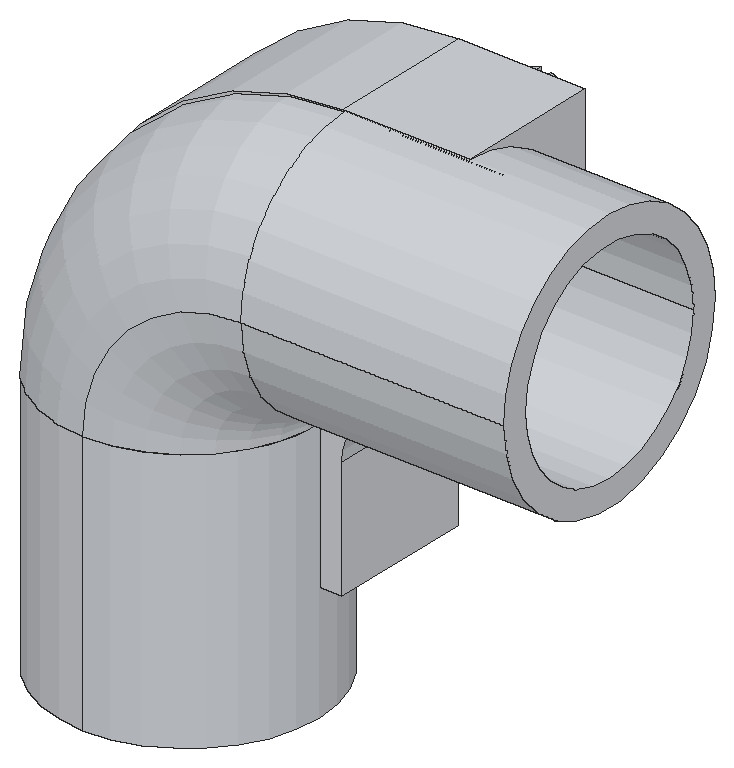
Revit family "PIE20W", category Generic Models, Revit 2017
Family settings
  Can host rebar = No
  Round Connector Dimension = Use Diameter
  Part Type = Normal
  Work Plane-Based = Yes
  Always vertical = No
  Cut with Voids When Loaded = No
  Shared = No
  Room Calculation Point = No
Parameters (values of type "NBS Standard Parameters")
  Weight = "0.031Kg"
  WarrantyStartDate [instance] = "1900-12-31T23:59:59"
  WarrantyGuarantorParts = "n/a"
  WarrantyGuarantorLabor = "n/a"
  WarrantyDurationUnit = "1 year"
  WarrantyDurationParts = "n/a"
  WarrantyDurationLabor = "n/a"
  WarrantyDescription = "n/a"
  Version = "1"
  Uniclass2 = "Pr_65_70_11_20"
  TagNumber [instance] = "n/a"
  SustainabilityPerformance = "n/a"
  Size = "20mm"
  Shape = "n/a"
  SerialNumber [instance] = "n/a"
  Revision = "n/a"
  ReplacementCost = "n/a"
  ProductInformation = "www.metpro.co.uk/pdf/pie20w.pdf"
  NominalWidth = 60 mm
  NominalLength = 60 mm
  NominalHeight = 30 mm
  Name = ""
  NBSTypeID = ""
  NBSReference = "90-55-10/460"
  NBSOfficeMasterTag = ""
  NBSNote = ""
  NBSDescription = "Conduit Fittings"
  NBSCertification = ""
  ModelReference = "PIE20W"
  ModelNumber = "n/a"
  Material = "PVC"
  ManufacturerURL = "www.metpro.co.uk"
  ManufacturerName = "Metpro Ltd"
  Keynote = "Manufactured to BS4607 Part 1"
  InstallationDate [instance] = "1900-12-31T23:59:59"
  IfcExportType = ""
  IfcExportAs = ""
  Grade = "n/a"
  Finish = "White"
  Features = "n/a"
  ExpectedLife = "n/a"
  DurationUnit = "year"
  Description = "PIE20W - PVC 20mm Conduit Inspection Elbow"
  Default Elevation = 1219.2 mm
  Constituents = "n/a"
  Color = "n/a"
  CodePerformance = "n/a"
  Category = "n/a"
  BarCode [instance] = "n/a"
  BIMObjectName = "Metpro_Metprolibrary_Conduitfittings_PVCcomponents_accessory"
  Author = "Metpro Ltd"
  AssetType = ""
  AssetIdentifier [instance] = "n/a"
  AccessibilityPerformance = "n/a"
Reference planes
  plane 1 "Center (Front/Back)": y = 0
  plane 2: z = 0
  plane 3 "Center (Left/Right)": x = 0
Forms (mm)
  Extrusion 1, solid
    sketch origin (-75.996, 24.803, 33.272) x (1, 0, 0) y (0, 0, 1)
      loop
        line (31.967, 31.228) -> (19.937, 31.228)
        arc (19.937, 31.228) -> (0.69, 23.256) -> (-7.282, 4.009) r 27.218
        line (-7.282, 4.009) -> (-7.282, -10.196) -> (19.858, -10.196) -> (19.858, 1.228)
        arc (19.858, 1.228) -> (21.322, 4.763) -> (24.858, 6.228) r 5
        line (24.858, 6.228) -> (31.967, 6.228) -> (31.967, 31.228)
    from -13.724 to 0
  Sweep 2, solid
    path origin (-75.996, 24.803, 33.272) x (1, 0, 0) y (0, 0, 1)
      loop
        line (45.245, 18.728) -> (20.245, 18.728)
        arc (20.245, 18.728) -> (9.638, 14.334) -> (5.245, 3.728) r 15
        line (5.245, 3.728) -> (5.245, -21.272)
    profile origin (-43.251, 24.803, 52) x (0, 0, -1) y (0, -1, 0)
      loop
        circle (0, 0) r 12.5
      loop
        circle (0, 0) r 10
  Sweep 3, void
    path origin (-75.996, 24.803, 33.272) x (1, 0, 0) y (0, 0, 1)
      loop
        line (45.245, 18.728) -> (17.75, 18.728)
        arc (17.75, 18.728) -> (8.907, 15.065) -> (5.245, 6.223) r 12.505
        line (5.245, 6.223) -> (5.245, -26.272)
    profile origin (-44.499, 24.803, 52) x (0, 0, -1) y (0, -1, 0)
      loop
        circle (0, 0) r 10
  Extrusion 4, solid
    sketch origin (-75.996, 38.527, 33.272) x (-1, 0, 0) y (0, 0, 1)
      loop
        circle (-26.802, 28.21) r 2.266
      loop
        circle (4.288, -6.57) r 2.262
    from 0 to 1.526
  Extrusion 5, void
    sketch origin (-75.996, 38.527, 33.272) x (1, 0, 0) y (0, 0, 1)
      loop
        line (27.517, 30.866) -> (26.517, 30.866) -> (26.517, 24.2) -> (27.517, 24.2) -> (27.517, 30.866)
      loop
        line (-3.778, -4.143) -> (-4.649, -4.143) -> (-4.649, -10.565) -> (-3.778, -10.565) -> (-3.778, -4.143)
    from -0.869 to -3.824
Cuts and joins
  Sweep 3 cuts Extrusion 1
  Extrusion 5 cuts Sweep 2
  Extrusion 5 cuts Extrusion 4
Dimensions and locks
  aligned and locked: level to plane 2
